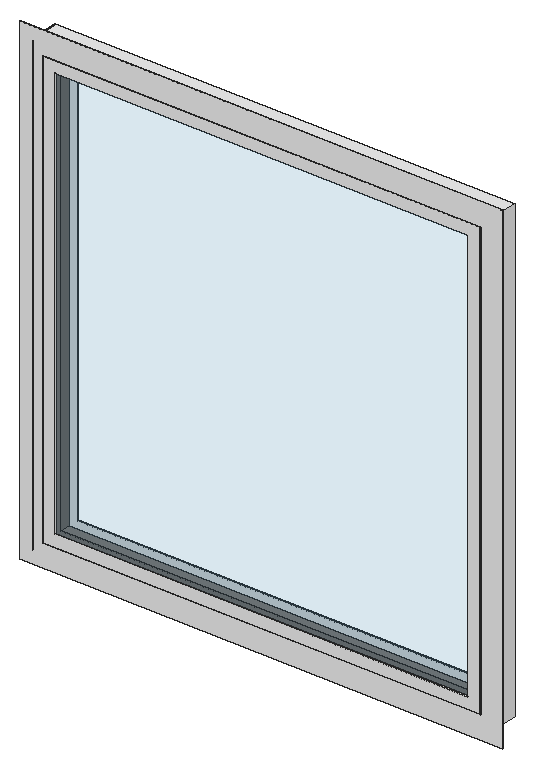
Revit family "Casement_28_G_Top_Hung_Custom", category Windows, host Wall, Revit 2014
Parameters (values of type "Casement_Sash_DG")
  Width Sash [instance] = 30 mm
  Width Sash Inner = 15 mm
  Width Bead = 15 mm
  Top Hung [instance] = yes
  Side Hung Right [instance] = yes
  Side Hung Left [instance] = yes
  Sash Opening Width [instance] = 600 mm
  Sash Opening Height [instance] = 600.312 mm
  Sash Lip = 15 mm
  Glazing Material [instance] = Glass
  DG Start Piece 2 [instance] = DG End Piece 1 + DG Gasket Thickness  # 25 mm
  DG Start Peice 1 [instance] = (Depth Sash - (2 * DG Glazing Thickness) - DG Gasket Thickness) / 2  # 6.6 mm
  Glazing Offset = 5 mm
  DG Glazing Thickness [instance] = 6.4 mm
  DG Gasket Thickness = 12 mm  # constant formula
  DG Gasket Material [instance] = Double Glazing Gasket Material
  DG End Piece 2 [instance] = DG Start Piece 2 + DG Glazing Thickness  # 31.4 mm
  DG End Piece 1 [instance] = DG Start Peice 1 + DG Glazing Thickness  # 13 mm
  Depth Sash [instance] = 38 mm
  Center Vertical Sash [instance] = Sash Opening Height / 2  # 300.156 mm
  Center Horizontal Sash [instance] = Sash Opening Width / 2  # 300 mm
  Bottom Hung [instance] = yes
  Bead Offset = 15 mm
  Aluminium Thickness = 1 mm
  Aluminium Material [instance] = White Powder Coated Aluminium
Reference planes
  plane 1 "Center (Front/Back)": y = 0
  plane 2: z = 0
  plane 3 "Center (Left/Right)": x = 0
Forms (mm)
  Sweep 1, solid, material "White Powder Coated Aluminium" <- "Aluminium Material"
    path origin (16.177, 0, 121.331) x (1, 0, 0) y (0, 0, 1)
      loop
        line (0, 0) -> (600, 0) -> (600, 600.312) -> (0, 600.312) -> (0, 0)
    profile origin (316.177, 0, 121.331) x (0, 0, 1) y (0, -1, 0)
      loop
        line (0, 0) -> (30, 0) -> (30, 1) -> (15, 1) -> (15, 38) -> (-15, 38) -> (-15, 37) -> (0, 37) -> (0, 0)
      loop
        line (14, 1) -> (14, 37) -> (1, 37) -> (1, 1) -> (14, 1)
  Sweep 2, solid, material "White Powder Coated Aluminium" <- "Aluminium Material"
    path origin (0, 0, 0) x (1, 0, 0) y (0, 0, 1)
      loop
        line (31.177, 706.643) -> (31.177, 136.331) -> (601.177, 136.331) -> (601.177, 706.643) -> (31.177, 706.643)
    profile origin (316.177, 0, 706.643) x (0, 0, 1) y (0, -1, 0)
      loop
        line (0, 37) -> (0, 38) -> (-15, 38) -> (-15, 37) -> (0, 37)
  Extrusion 3, solid, material "Glass" <- "Glazing Material"
    sketch origin (0, 0, 0) x (1, 0, 0) y (0, 0, 1)
      loop
        line (36.177, 701.643) -> (36.177, 141.331) -> (596.177, 141.331) -> (596.177, 701.643) -> (36.177, 701.643)
    from 6.6 <- "DG Start Peice 1" to 13 <- "DG End Piece 1"
  Extrusion 4, solid, material "Glass" <- "Glazing Material"
    sketch origin (0, 0, 0) x (1, 0, 0) y (0, 0, 1)
      loop
        line (36.177, 701.643) -> (36.177, 141.331) -> (596.177, 141.331) -> (596.177, 701.643) -> (36.177, 701.643)
    from 31.4 <- "DG End Piece 2" to 25 <- "DG Start Piece 2"
  Sweep 5, solid, material "Double Glazing Gasket Material" <- "DG Gasket Material"
    path origin (0, -13, 0) x (1, 0, 0) y (0, 0, 1)
      loop
        line (36.177, 701.643) -> (36.177, 141.331) -> (596.177, 141.331) -> (596.177, 701.643) -> (36.177, 701.643)
    profile origin (316.177, -13, 701.643) x (0, 0, 1) y (0, -1, 0)
      loop
        line (0, 0) -> (0, 12) -> (-7.96, 12) -> (-7.96, 0) -> (0, 0)
Lines and regions (mm)
  model lines
    curve 1: line (1.177, -38, 736.643) -> (31.177, -38, 706.643)
    curve 2: line (601.177, -38, 706.643) -> (631.177, -38, 736.643)
    curve 3: line (601.177, -38, 136.331) -> (631.177, -38, 106.331)
    curve 4: line (1.177, -38, 106.331) -> (31.177, -38, 136.331)
    curve 5: line (631.177, -37, 736.643) -> (616.177, -37, 721.643)
    curve 6: line (1.177, -37, 736.643) -> (16.177, -37, 721.643)
    curve 7: line (1.177, -37, 106.331) -> (16.177, -37, 121.331)
    curve 8: line (631.177, -37, 106.331) -> (616.177, -37, 121.331)
    curve 9: line (616.177, 0, 121.331) -> (586.177, 0, 151.331)
    curve 10: line (46.177, 0, 151.331) -> (16.177, 0, 121.331)
    curve 11: line (616.177, 0, 721.643) -> (586.177, 0, 691.643)
    curve 12: line (46.177, 0, 691.643) -> (16.177, 0, 721.643)
    curve 13: line (31.177, -38, 691.643) -> (46.177, -38, 691.643)
    curve 14: line (586.177, -38, 691.643) -> (601.177, -38, 691.643)
    curve 15: line (586.177, -38, 151.331) -> (601.177, -38, 151.331)
    curve 16: line (31.177, -38, 151.331) -> (46.177, -38, 151.331)
  model lines, style "GenericModelHiddenLines", visible <- "Top Hung"
    curve 17: line (46.386, -31.4, 690.914) -> (316.177, -31.4, 151.331)
    curve 18: line (316.177, -31.4, 151.331) -> (586.177, -31.4, 691.331)
  model lines, style "GenericModelHiddenLines", visible <- "Bottom Hung"
    curve 19: line (46.177, -31.4, 151.331) -> (316.177, -31.4, 691.331)
    curve 20: line (316.177, -31.4, 691.331) -> (586.177, -31.4, 151.331)
  model lines, style "GenericModelHiddenLines", visible <- "Side Hung Left"
    curve 21: line (46.386, -31.4, 690.914) -> (585.24, -31.4, 421.487)
    curve 22: line (585.24, -31.4, 421.487) -> (46.177, -31.4, 151.331)
  model lines, style "GenericModelHiddenLines", visible <- "Side Hung Right"
    curve 23: line (586.177, -31.4, 691.331) -> (46.177, -31.4, 421.487)
    curve 24: line (46.177, -31.4, 421.487) -> (586.177, -31.4, 151.331)
Dimensions and locks
  "Aluminium Thickness": Sweep 1 sketch curve to Sweep 1 sketch curve  (x4)
  "Depth Sash": Sweep 1 sketch curve to Sweep 1 sketch curve
  "Sash Opening Width": Sweep 1 to Sweep 1
  "Sash Opening Height": Sweep 1 to Sweep 1
  "Width Sash": Sweep 1 sketch curve to Sweep 1 sketch curve  (x2)
  "Width Sash Inner": Sweep 1 sketch curve to Sweep 1 sketch curve
  "Sash Lip": Sweep 1 sketch curve to Sweep 1 sketch curve
  "Aluminium Thickness": Sweep 1 to Sweep 2 sketch curve
  "Glazing Offset": Sweep 2 to Extrusion 3 sketch curve  (x3)
  "Glazing Offset": Extrusion 3 sketch curve to Sweep 2
  Sweep 1 to Sweep 1 = 1 mm
  "Aluminium Thickness": Sweep 2 sketch curve to Sweep 2 sketch curve
  "Width Bead": Sweep 2 sketch curve to Sweep 2 sketch curve
  locked: Sweep 5 sketch curve to Sweep 5 sketch curve at 7.96
  "Center Horizontal Sash": Sweep 1 to curve 18
  "Center Horizontal Sash": Sweep 1 to curve 20
  "Center Vertical Sash": Sweep 1 to curve 22
  "Center Vertical Sash": Sweep 1 to curve 24
  aligned and locked: level to plane 2
  aligned and locked: Sweep 1 sketch curve to Sweep 1 sketch curve  (x2)
  aligned and locked: Sweep 2 sketch curve to Sweep 1  (x5)
  aligned and locked: Extrusion 4 sketch curve to Extrusion 3  (x4)
  aligned and locked: Sweep 5 sketch curve to Extrusion 3  (x5)
  aligned and locked: Extrusion 3 to Sweep 5 sketch curve
Automatic sketch dimensions
  plane 3 "Center (Left/Right)" to Sweep 1 sketch curve = 16.177 mm
  level to Sweep 1 sketch curve = 121.331 mm
  plane 3 "Center (Left/Right)" to Sweep 1 sketch curve = 616.177 mm
  level to Sweep 1 sketch curve = 721.643 mm
  profile plane to Sweep 5 sketch curve = 12 mm
  curve 7 to Sweep 1 = 0 mm  (x4)
  curve 6 to Sweep 1 = 0 mm  (x3)
  Sweep 1 to curve 6 = 0 mm
  curve 5 to Sweep 1 = 0 mm  (x3)
  curve 8 to Sweep 1 = 0 mm  (x4)
  Sweep 1 to curve 5 = 0 mm
  curve 16 to Sweep 2 = 0 mm  (x3)
  curve 13 to Sweep 2 = 0 mm  (x3)
  curve 15 to Sweep 2 = 0 mm
  Sweep 2 to curve 15 = 0 mm  (x2)
  curve 14 to Sweep 2 = 0 mm  (x2)
  Sweep 2 to curve 14 = 0 mm
  curve 1 to Sweep 1 = 0 mm  (x4)
  curve 4 to Sweep 1 = 0 mm  (x3)
  Sweep 1 to curve 4 = 0 mm
  curve 3 to Sweep 1 = 0 mm  (x3)
  curve 2 to Sweep 1 = 0 mm  (x4)
  Sweep 1 to curve 3 = 0 mm
  curve 10 to Sweep 1 = 0 mm  (x4)
  curve 12 to Sweep 1 = 0 mm  (x3)
  Sweep 1 to curve 12 = 0 mm
  curve 9 to Sweep 1 = 0 mm  (x4)
  curve 11 to Sweep 1 = 0 mm  (x3)
  Sweep 1 to curve 11 = 0 mm
  Sweep 1 sketch curve to plane 1 "Center (Front/Back)" = 0 mm
  profile plane to Sweep 1 sketch curve = 0 mm
  curve 21 to Extrusion 4 = 10.208 mm
  curve 19 to Extrusion 4 = 10 mm
  curve 23 to Extrusion 4 = 10 mm  (x2)
  curve 22 to Extrusion 4 = 10.937 mm
  curve 20 to Extrusion 4 = 10 mm
  curve 24 to Extrusion 4 = 10 mm
  curve 22 to Extrusion 4 = 10 mm
  curve 18 to Extrusion 4 = 10 mm
  curve 21 to Extrusion 4 = 10.729 mm
  curve 19 to Extrusion 4 = 10.312 mm
  curve 18 to Extrusion 4 = 10.312 mm
